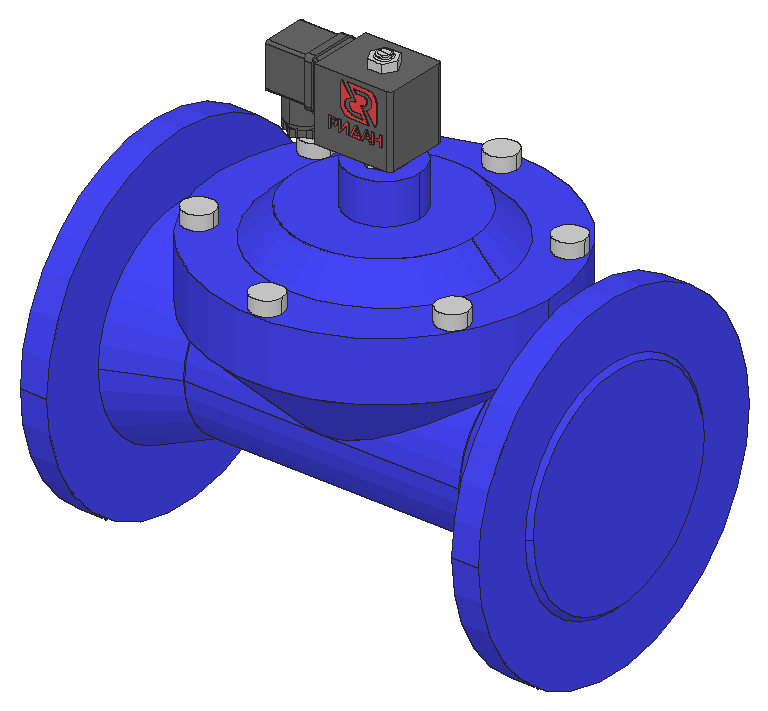
Revit family "РИДАН_Соленоидный клапан EV220WR(DN65_100)", category Арматура трубопроводов, Revit 2019
Family settings
  Размер круглого соединителя = Использовать диаметр
  Тип детали = Нормальный
  На основе рабочей плоскости = Нет
  Всегда вертикально = Да
  При загрузке вырезать с полостями = Нет
  Общий = Нет
Parameters (values of type "DN80+RW3220AC")
  УГО_Длина = e + (c * 2) + (b * 2) + (a * 2)  # 278.01 mm
  Контакты_Производитель = "info@ridan.ru"  # constant formula
  Катушка_1 = "RW3220AC"
  Катушка = Влж_Катушка EV220WR : RW3220AC
  t3 = l + ((m - l) / 2)  # 93.75 mm
  t2 = size_lookup(LT, "t2", 20 mm, ADSK_Диаметр условный)  # 87 mm
  t1 = size_lookup(LT, "t1", 20 mm, ADSK_Диаметр условный)  # 174 mm
  t = size_lookup(LT, "t", 20 mm, ADSK_Диаметр условный)  # 150.69 mm
  s = size_lookup(LT, "s", 20 mm, ADSK_Диаметр условный)  # 42 mm
  r = size_lookup(LT, "r", 20 mm, ADSK_Диаметр условный)  # 103.46 mm
  p = size_lookup(LT, "p", 20 mm, ADSK_Диаметр условный)  # 137.02 mm
  o = size_lookup(LT, "o", 20 mm, ADSK_Диаметр условный)  # 195 mm
  n = size_lookup(LT, "n", 20 mm, ADSK_Диаметр условный)  # 126 mm
  m = size_lookup(LT, "m", 20 mm, ADSK_Диаметр условный)  # 102 mm
  l = size_lookup(LT, "l", 20 mm, ADSK_Диаметр условный)  # 85.5 mm
  k = size_lookup(LT, "k", 20 mm, ADSK_Диаметр условный)  # 50 mm
  j = size_lookup(LT, "j", 20 mm, ADSK_Диаметр условный)  # 200 mm
  i = size_lookup(LT, "i", 20 mm, ADSK_Диаметр условный)  # 132 mm
  h = size_lookup(LT, "h", 20 mm, ADSK_Диаметр условный)  # 126 mm
  g = size_lookup(LT, "g", 20 mm, ADSK_Диаметр условный)  # 125.35 mm
  f = size_lookup(LT, "f", 20 mm, ADSK_Диаметр условный)  # 93 mm
  e = size_lookup(LT, "e", 20 mm, ADSK_Диаметр условный)  # 163.39 mm
  d = size_lookup(LT, "d", 20 mm, ADSK_Диаметр условный)  # 81.69 mm
  c = size_lookup(LT, "c", 20 mm, ADSK_Диаметр условный)  # 38.31 mm
  b = size_lookup(LT, "b", 20 mm, ADSK_Диаметр условный)  # 16 mm
  a = size_lookup(LT, "a", 20 mm, ADSK_Диаметр условный)  # 3 mm
  Table = "EV220WR _DN65_100_1"  # constant formula
  LT = "EV220WR _DN65_100"  # constant formula
  ADSK_Расход жидкости = 0.0 L/s
  ADSK_Пропускная способность = size_lookup(LT, "Kv", 0.0 L/s, ADSK_Диаметр условный)  # 19.4444 L/s
  ADSK_Потеря давления жидкости = 100000.0 Pa * (ADSK_Расход жидкости / ADSK_Пропускная способность) ^ 2  # 0.0 Pa
  ADSK_Полная мощность = ADSK_Номинальная мощность / ADSK_Коэффициент мощности  # 16 VA
  ADSK_Номинальная мощность = size_lookup(Table, "ADSK_Номинальная мощность", 0 W, Катушка_1)  # 16 W
  ADSK_Напряжение = size_lookup(Table, "ADSK_Напряжение", 0 V, Катушка_1)  # 230 V
  ADSK_Наименование = size_lookup(LT, "Name", "", ADSK_Диаметр условный)  # "Клапан электромагнитный EV220WR, G 3, Ду 80 мм, EPDM, нормально закрытый"
  ADSK_Масса_Текст = ""
  ADSK_Масса = size_lookup(LT, "M", 0, ADSK_Диаметр условный)  # 17
  ADSK_Марка = size_lookup(LT, "Mark", "", ADSK_Диаметр условный)  # "EV220WR DN80"
  ADSK_Коэффициент мощности = 1
  ADSK_Количество фаз = 1
  ADSK_Количество = 1  # constant formula
  ADSK_Код изделия = size_lookup(LT, "", "", ADSK_Диаметр условный)  # "016D6080R"
  ADSK_Классификация нагрузок = none
  ADSK_Завод-изготовитель = "ООО «Ридан-Трейд»"  # constant formula
  ADSK_Единица измерения = "шт."
  ADSK_Диаметр условный = 80 mm
  ADSK_Версия семейства = "1.0"  # constant formula
  ADSK_Версия Revit = "2019"  # constant formula
Types (10, lengths in mm): name | УГО_Длина | Катушка_1 | Катушка | t3 | t2 | t1 | t | s | r | p | o | n | m | l | k | j | i | h | g | f | e | d | c | b | a | ADSK_Пропускная способность | ADSK_Полная мощность | ADSK_Номинальная мощность | ADSK_Напряжение | ADSK_Наименование | ADSK_Масса | ADSK_Марка | ADSK_Код изделия | ADSK_Диаметр условный
  (no name) | 278.01 | "RW3220AC" | Влж_Катушка EV220WR : RW3220AC | 93.75 | 87 | 174 | 150.69 | 42 | 103.46 | 137.02 | 195 | 126 | 102 | 85.5 | 50 | 200 | 132 | 126 | 125.35 | 93 | 163.39 | 81.69 | 38.31 | 16 | 3 | 19.4444 L/s | 16 VA | 16 W | 230 V | "Клапан электромагнитный EV220WR, G 3, Ду 80 мм, EPDM, нормально закрытый" | 17 | "EV220WR DN80" | "016D6080R" | 80
  DN65+RW3220AC | 259 | "RW3220AC" | Влж_Катушка EV220WR : RW3220AC | 83 | 79 | 158 | 136.83 | 42 | 114 | 142 | 178 | 116 | 92 | 74 | 40 | 185 | 118 | 114 | 98 | 78 | 199 | 99.5 | 10 | 18 | 2 | 12.2222 L/s | 16 VA | 16 W | 230 V | "Клапан электромагнитный EV220WR, G 2 1/2, Ду 65 мм, EPDM, нормально закрытый" | 15.1 | "EV220WR DN65" | "016D6065R" | 65
  DN65+RW3024AC | 259 | "RW3024AC" | Влж_Катушка EV220WR : RW3024AC | 83 | 79 | 158 | 136.83 | 42 | 114 | 142 | 178 | 116 | 92 | 74 | 40 | 185 | 118 | 114 | 98 | 78 | 199 | 99.5 | 10 | 18 | 2 | 12.2222 L/s | 24 VA | 24 W | 24 V | "Клапан электромагнитный EV220WR, G 2 1/2, Ду 65 мм, EPDM, нормально закрытый" | 15.1 | "EV220WR DN65" | "016D6065R" | 65
  DN65+RW3024DC | 259 | "RW3024DC" | Влж_Катушка EV220WR : RW3024DC | 83 | 79 | 158 | 136.83 | 42 | 114 | 142 | 178 | 116 | 92 | 74 | 40 | 185 | 118 | 114 | 98 | 78 | 199 | 99.5 | 10 | 18 | 2 | 12.2222 L/s | 14 VA | 14 W | 24 V | "Клапан электромагнитный EV220WR, G 2 1/2, Ду 65 мм, EPDM, нормально закрытый" | 15.1 | "EV220WR DN65" | "016D6065R" | 65
  DN80+RW3220AC | 278.01 | "RW3220AC" | Влж_Катушка EV220WR : RW3220AC | 93.75 | 87 | 174 | 150.69 | 42 | 103.46 | 137.02 | 195 | 126 | 102 | 85.5 | 50 | 200 | 132 | 126 | 125.35 | 93 | 163.39 | 81.69 | 38.31 | 16 | 3 | 19.4444 L/s | 16 VA | 16 W | 230 V | "Клапан электромагнитный EV220WR, G 3, Ду 80 мм, EPDM, нормально закрытый" | 17 | "EV220WR DN80" | "016D6080R" | 80
  DN80+RW3024AC | 278.01 | "RW3024AC" | Влж_Катушка EV220WR : RW3024AC | 93.75 | 87 | 174 | 150.69 | 42 | 103.46 | 137.02 | 195 | 126 | 102 | 85.5 | 50 | 200 | 132 | 126 | 125.35 | 93 | 163.39 | 81.69 | 38.31 | 16 | 3 | 19.4444 L/s | 24 VA | 24 W | 24 V | "Клапан электромагнитный EV220WR, G 3, Ду 80 мм, EPDM, нормально закрытый" | 17 | "EV220WR DN80" | "016D6080R" | 80
  DN80+RW3024DC | 278.01 | "RW3024DC" | Влж_Катушка EV220WR : RW3024DC | 93.75 | 87 | 174 | 150.69 | 42 | 103.46 | 137.02 | 195 | 126 | 102 | 85.5 | 50 | 200 | 132 | 126 | 125.35 | 93 | 163.39 | 81.69 | 38.31 | 16 | 3 | 19.4444 L/s | 14 VA | 14 W | 24 V | "Клапан электромагнитный EV220WR, G 3, Ду 80 мм, EPDM, нормально закрытый" | 17 | "EV220WR DN80" | "016D6080R" | 80
  DN100+RW3220AC | 350 | "RW3220AC" | Влж_Катушка EV220WR : RW3220AC | 104 | 98 | 196 | 169.74 | 50 | 127.62 | 165.97 | 220 | 143 | 114.5 | 93.5 | 57 | 220 | 156 | 150 | 150.35 | 114 | 216.46 | 108.23 | 45.77 | 18 | 3 | 30.2778 L/s | 16 VA | 16 W | 230 V | "Клапан электромагнитный EV220WR, G 4, Ду 100 мм, EPDM, нормально закрытый" | 23.2 | "EV220WR DN100" | "016D6100R" | 100
  DN100+RW3024AC | 350 | "RW3024AC" | Влж_Катушка EV220WR : RW3024AC | 104 | 98 | 196 | 169.74 | 50 | 127.62 | 165.97 | 220 | 143 | 114.5 | 93.5 | 57 | 220 | 156 | 150 | 150.35 | 114 | 216.46 | 108.23 | 45.77 | 18 | 3 | 30.2778 L/s | 24 VA | 24 W | 24 V | "Клапан электромагнитный EV220WR, G 4, Ду 100 мм, EPDM, нормально закрытый" | 23.2 | "EV220WR DN100" | "016D6100R" | 100
  DN100+RW3024DC | 350 | "RW3024DC" | Влж_Катушка EV220WR : RW3024DC | 104 | 98 | 196 | 169.74 | 50 | 127.62 | 165.97 | 220 | 143 | 114.5 | 93.5 | 57 | 220 | 156 | 150 | 150.35 | 114 | 216.46 | 108.23 | 45.77 | 18 | 3 | 30.2778 L/s | 14 VA | 14 W | 24 V | "Клапан электромагнитный EV220WR, G 4, Ду 100 мм, EPDM, нормально закрытый" | 23.2 | "EV220WR DN100" | "016D6100R" | 100
Reference planes
  plane 1 "По центру (Вперед/Назад)": y = 0
  plane 2: z = 0
  plane 3 "По центру (Влево/Вправо)": x = 0
  plane 4: x = -81.69
  plane 5: x = 81.7
  plane 6: x = -120
  plane 7: x = 120.01
  plane 8: x = -136
  plane 9: x = 136.01
  plane 10: x = -139
  plane 11: x = 139.01
  plane 12: z = 50
  plane 13: z = 85.5
  plane 14: z = 102
  plane 15: z = 126
  plane 16: x = -75.345
  plane 17: x = 75.345
  plane 18: y = 87
  plane 19: y = 43.5
  plane 20: y = -87
  plane 21: y = -43.5
  plane 22: z = 93.75
Forms (mm)
  Extrusion 1, solid, material "Корпус EV220R", detail levels fine
    sketch origin (0, 0, 0) x (0, 1, 0) y (0, 0, 1)
      loop
        circle (0, 0) r 46.5
    from -81.69 to 81.7
  Blend 2, solid, material "Корпус EV220R", detail levels fine
    base sketch origin (0, 0, 0) x (0, 1, 0) y (0, 0, 1)
      loop
        circle (0, 0) r 46.5
    top sketch origin (0, 0, 0) x (0, 1, 0) y (0, 0, 1)
      loop
        circle (0, 0) r 62.675
    from -81.69 to -120
  Blend 3, solid, material "Корпус EV220R", detail levels fine
    base sketch origin (0, 0, 0) x (0, 1, 0) y (0, 0, 1)
      loop
        circle (0, 0) r 46.5
    top sketch origin (0, 0, 0) x (0, 1, 0) y (0, 0, 1)
      loop
        circle (0, 0) r 62.675
    from 81.7 to 120.01
  Extrusion 4, solid, material "Корпус EV220R", detail levels fine
    sketch origin (0, 0, 0) x (0, 1, 0) y (0, 0, 1)
      loop
        circle (0, 0) r 100
    from -136 to -120
  Extrusion 5, solid, material "Корпус EV220R", detail levels fine
    sketch origin (0, 0, 0) x (0, 1, 0) y (0, 0, 1)
      loop
        circle (0, 0) r 100
    from 120.01 to 136.01
  Blend 6, solid, material "Корпус EV220R", detail levels fine
    base sketch origin (0, 0, 0) x (0, 1, 0) y (0, 0, 1)
      loop
        circle (0, 0) r 66
    top sketch origin (0, 0, 0) x (0, 1, 0) y (0, 0, 1)
      loop
        circle (0, 0) r 63
    from -136 to -139
  Blend 7, solid, material "Корпус EV220R", detail levels fine
    base sketch origin (0, 0, 0) x (0, 1, 0) y (0, 0, 1)
      loop
        circle (0, 0) r 66
    top sketch origin (0, 0, 0) x (0, 1, 0) y (0, 0, 1)
      loop
        circle (0, 0) r 63
    from 136.01 to 139.01
  Extrusion 8, solid, material "Корпус EV220R", detail levels fine
    sketch origin (0, 0, 0) x (1, 0, 0) y (0, 1, 0)
      loop
        circle (0, 0) r 97.5
    from 50 to 85.5
  Blend 9, solid, material "Корпус EV220R", detail levels fine
    base sketch origin (0, 0, 0) x (1, 0, 0) y (0, 1, 0)
      loop
        circle (0, 0) r 97.5
    top sketch origin (0, 0, 0) x (1, 0, 0) y (0, 1, 0)
      loop
        circle (0, 0) r 46.5
    from 50 to 0
  Blend 10, solid, material "Корпус EV220R", detail levels fine
    base sketch origin (0, 0, 0) x (1, 0, 0) y (0, 1, 0)
      loop
        circle (0, 0) r 68.51
    top sketch origin (0, 0, 0) x (1, 0, 0) y (0, 1, 0)
      loop
        circle (0, 0) r 51.73
    from 85.5 to 102
  Extrusion 11, solid, material "Корпус EV220R", detail levels fine
    sketch origin (0, 0, 0) x (1, 0, 0) y (0, 1, 0)
      loop
        circle (0, 0) r 21
    from 102 to 126
  Extrusion 12, solid, material "Сталь нержавеющая", detail levels fine
    sketch origin (0, 0, 0) x (1, 0, 0) y (0, 1, 0)
      loop
        circle (0, 87) r 8.987
      loop
        circle (-75.345, 43.5) r 8.987
      loop
        circle (-75.345, -43.5) r 8.987
      loop
        circle (0, -87) r 8.987
      loop
        circle (75.345, -43.5) r 8.987
      loop
        circle (75.345, 43.5) r 8.987
    from 85.5 to 93.75
Cuts and joins
  joined: Extrusion 1, Extrusion 8, Blend 9
Dimensions and locks
  "d": plane 3 "По центру (Влево/Вправо)" to plane 4
  "e": plane 5 to plane 4
  "c": plane 4 to plane 6
  "c": plane 5 to plane 7
  "b": plane 6 to plane 8
  "b": plane 7 to plane 9
  "a": plane 8 to plane 10
  "a": plane 9 to plane 11
  "k": plane 12 to plane 2
  "l": plane 13 to plane 2
  "m": plane 14 to plane 2
  "n": plane 15 to plane 2
  equal spacing: plane 16, plane 3 "По центру (Влево/Вправо)", plane 17
  "t": plane 16 to plane 17
  equal spacing: plane 19, plane 1 "По центру (Вперед/Назад)", plane 21
  "t2": plane 19 to plane 21
  equal spacing: plane 18, plane 1 "По центру (Вперед/Назад)", plane 20
  "t1": plane 18 to plane 20
  "t3": plane 22 to level
  "f": diameter of Extrusion 1 sketch curve
  "f": diameter of Blend 2 sketch curve
  "g": diameter of Blend 2 sketch curve
  "f": diameter of Blend 3 sketch curve
  "g": diameter of Blend 3 sketch curve
  "j": diameter of Extrusion 4 sketch curve
  "j": diameter of Extrusion 5 sketch curve
  "i": diameter of Blend 6 sketch curve
  "h": diameter of Blend 6 sketch curve
  "i": diameter of Blend 7 sketch curve
  "h": diameter of Blend 7 sketch curve
  "o": diameter of Extrusion 8 sketch curve
  "o": diameter of Blend 9 sketch curve
  "f": diameter of Blend 9 sketch curve
  "p": diameter of Blend 10 sketch curve
  "r": diameter of Blend 10 sketch curve
  "s": diameter of Extrusion 11 sketch curve
  aligned and locked: level to plane 2
  aligned and locked: Extrusion 1 to plane 4
  aligned and locked: Extrusion 1 to plane 5
  aligned and locked: plane 4 to Blend 2
  aligned and locked: Blend 2 to plane 6
  aligned and locked: plane 5 to Blend 3
  aligned and locked: Blend 3 to plane 7
  aligned and locked: Extrusion 4 to plane 6
  aligned and locked: Extrusion 4 to plane 8
  aligned and locked: Extrusion 5 to plane 7
  aligned and locked: Extrusion 5 to plane 9
  aligned and locked: plane 8 to Blend 6
  aligned and locked: Blend 6 to plane 10
  aligned and locked: plane 9 to Blend 7
  aligned and locked: Blend 7 to plane 11
  aligned and locked: Extrusion 8 to plane 12
  aligned and locked: plane 13 to Extrusion 8
  aligned and locked: plane 12 to Blend 9
  aligned and locked: Blend 9 to plane 2
  aligned and locked: Blend 10 to plane 13
  aligned and locked: plane 14 to Blend 10
  aligned and locked: Extrusion 11 to plane 14
  aligned and locked: plane 15 to Extrusion 11
  aligned and locked: plane 3 "По центру (Влево/Вправо)" to Extrusion 12 sketch curve  (x2)
  aligned and locked: plane 18 to Extrusion 12 sketch curve
  aligned and locked: plane 16 to Extrusion 12 sketch curve  (x2)
  aligned and locked: plane 19 to Extrusion 12 sketch curve  (x2)
  aligned and locked: plane 21 to Extrusion 12 sketch curve  (x2)
  aligned and locked: plane 20 to Extrusion 12 sketch curve
  aligned and locked: plane 17 to Extrusion 12 sketch curve  (x2)
  aligned and locked: Extrusion 12 to plane 13
  aligned and locked: plane 22 to Extrusion 12
  aligned and locked: nested 1 to plane 15
  aligned and locked: nested 2 to plane 10
  aligned and locked: plane 10 to nested 3
Automatic sketch dimensions
  Extrusion 1 sketch curve to level = 0 mm
  Extrusion 1 sketch curve to plane 1 "По центру (Вперед/Назад)" = 0 mm
  Blend 2 sketch curve to level = 0 mm  (x2)
  Blend 2 sketch curve to plane 1 "По центру (Вперед/Назад)" = 0 mm  (x2)
  Blend 3 sketch curve to level = 0 mm  (x2)
  Blend 3 sketch curve to plane 1 "По центру (Вперед/Назад)" = 0 mm  (x2)
  Extrusion 4 sketch curve to level = 0 mm
  Extrusion 4 sketch curve to plane 1 "По центру (Вперед/Назад)" = 0 mm
  Extrusion 5 sketch curve to level = 0 mm
  Extrusion 5 sketch curve to plane 1 "По центру (Вперед/Назад)" = 0 mm
  Blend 6 sketch curve to level = 0 mm  (x2)
  Blend 6 sketch curve to plane 1 "По центру (Вперед/Назад)" = 0 mm  (x2)
  Blend 7 sketch curve to level = 0 mm  (x2)
  Blend 7 sketch curve to plane 1 "По центру (Вперед/Назад)" = 0 mm  (x2)
  plane 1 "По центру (Вперед/Назад)" to Extrusion 8 sketch curve = 0 mm
  Extrusion 8 sketch curve to plane 3 "По центру (Влево/Вправо)" = 0 mm
  plane 1 "По центру (Вперед/Назад)" to Blend 9 sketch curve = 0 mm  (x2)
  Blend 9 sketch curve to plane 3 "По центру (Влево/Вправо)" = 0 mm  (x2)
  plane 1 "По центру (Вперед/Назад)" to Blend 10 sketch curve = 0 mm  (x2)
  Blend 10 sketch curve to plane 3 "По центру (Влево/Вправо)" = 0 mm  (x2)
  plane 1 "По центру (Вперед/Назад)" to Extrusion 11 sketch curve = 0 mm
  Extrusion 11 sketch curve to plane 3 "По центру (Влево/Вправо)" = 0 mm
  radius of Extrusion 12 sketch curve = 8.987 mm  (x6)
Nested families
  nested 1: "Влж_Катушка EV220WR" at (0, 0, 126), type <- "Катушка", type "RW3220AC"
  nested 2: "УГО_клапана" at (0.005, 0, 0), УГО_Длина <- "УГО_Длина", type "УГО_клапана"
    with УГО_Длина 278.01 mm, УГО_Высота 212.143 mm
  nested 3: "УГО_ЭУ_клапана" at (0.005, 0, 0), УГО_Длина <- "УГО_Длина", type "УГО_ЭУ_клапана", detail levels coarse+medium
    with УГО_Длина 278.01 mm, УГО_Высота 212.143 mm
Connectors
  piping at (-139, 0, 0), diameter 80, driven by "ADSK_Диаметр условный", driven by "ADSK_Расход жидкости"
    settings: on plane 10, index 1, connector inside diameter 609.6 mm, connector length 0 mm, flow factor 0, pipe flow 0.0 L/s, pressure drop 0.0 Pa, fitting loss kfactor 0, connector angle 0.00°, fixture units 0, engagement length 0 mm, angle of deflection 0.00°, flow configuration 0, flow direction 1, fitting loss method 0, system type 29, joint type 0, gender type 0, connector reference index -1, connector utility 0, adjustable connector no, is connector primary yes, connector description ""
  piping at (139.01, 0, 0), diameter 80, driven by "ADSK_Диаметр условный", driven by "ADSK_Расход жидкости", driven by "ADSK_Потеря давления жидкости"
    settings: on plane 11, index 2, connector inside diameter 609.6 mm, connector length 0 mm, flow factor 0, pipe flow 0.0 L/s, pressure drop 0.0 Pa, fitting loss kfactor 0, connector angle 0.00°, fixture units 0, engagement length 0 mm, angle of deflection 0.00°, flow configuration 0, flow direction 2, fitting loss method 4, system type 29, joint type 0, gender type 0, connector reference index -1, connector utility 0, adjustable connector no, is connector primary no, connector description ""
  electrical at (-48.006, 0.793, 125.5), driven by "ADSK_Напряжение", driven by "ADSK_Полная мощность"
    settings: on nested 1, index 3, voltage 230 V, apparent load 16 VA, apparent load phase1 0 VA, apparent load phase2 0 VA, apparent load phase3 0 VA, power factor 1, load classification "Прочее", number of poles 1, system type 30, power factor state 1, is connector primary yes, connector utility no, sub classification motor no, connector description ""
Definition of nested family "Влж_Катушка EV220WR"
  Parameters (values of type "RW3024DC")
    ADSK_Наименование = "Катушка электромагнитная RW3024DC, 24 пост.ток, 14 Вт, для EV220WR Ду 65-100 мм"
    ADSK_Масса_Текст = ""
    ADSK_Масса = 0
    ADSK_Марка = "RW3024DC"
    ADSK_Количество = 1  # constant formula
    ADSK_Код изделия = "042N0343R"
    ADSK_Завод-изготовитель = "ООО «Ридан-Трейд»"  # constant formula
    ADSK_Единица измерения = "шт."
  Types (4, lengths in mm): name | ADSK_Наименование | ADSK_Марка | ADSK_Код изделия
    (no name) | "Катушка электромагнитная RW3024DC, 24 пост.ток, 14 Вт, для EV220WR Ду 65-100 мм" | "RW3024DC" | "042N0343R"
    RW3220AC | "Катушка электромагнитная RW3220AC, 220В перем.ток, 16BA, для EV220WR Ду 65-100 мм" | "RW3220AC" | "042N0340R"
    RW3024AC | "Катушка электромагнитная RW3024AC, 24 перем.ток, 24 BA, для EV220WR Ду 65-100 мм" | "RW3024AC" | "042N0342R"
    RW3024DC | "Катушка электромагнитная RW3024DC, 24 пост.ток, 14 Вт, для EV220WR Ду 65-100 мм" | "RW3024DC" | "042N0343R"
  Reference planes
    plane 1 "По центру (Вперед/Назад)": y = 0
    plane 2: z = 0
    plane 3 "По центру (Влево/Вправо)": x = 0
  Forms (mm)
    Extrusion 1, solid, detail levels fine
      sketch origin (0, 0, 0) x (1, 0, 0) y (0, 1, 0)
        loop
          line (-26, 19) -> (-26, -19) -> (16.5, -19)
          arc (16.5, -19) -> (18.268, -18.268) -> (19, -16.5) r 2.5
          line (19, -16.5) -> (19, 17)
          arc (19, 17) -> (18.414, 18.414) -> (17, 19) r 2
          line (17, 19) -> (-26, 19)
      from 7.7 to 50
    Extrusion 2, solid, detail levels fine
      sketch origin (0, 0, 0) x (1, 0, 0) y (0, 1, 0)
        loop
          line (-4.041, 7) -> (-8.083, 0) -> (-4.041, -7) -> (4.041, -7) -> (8.083, 0) -> (4.041, 7) -> (-4.041, 7)
      from 50 to 55
    Revolve 3, solid, detail levels fine
      sketch origin (0, 0, 0) x (1, 0, 0) y (0, 0, 1)
        loop
          line (-4, 56.5) -> (-4, 55.5) -> (-4.741, 55) -> (0, 55) -> (0, 57) -> (-3.5, 57)
          arc (-3.5, 57) -> (-3.854, 56.854) -> (-4, 56.5) r 0.5
        axis (0, 57) -> (0, 55)
      angle from 0 to 360
    Extrusion 4, solid, detail levels fine
      sketch origin (0, 0, 0) x (1, 0, 0) y (0, 1, 0)
        loop
          line (-11, 7.14) -> (-11, -5.562) -> (0, -11.913) -> (11, -5.562) -> (11, 7.14) -> (0, 13.491) -> (-11, 7.14)
      from 1 to 7.7
    Extrusion 5, solid, detail levels fine
      sketch origin (0, 0, 0) x (1, 0, 0) y (0, 1, 0)
        loop
          circle (0, 0.789) r 11
      from 0 to 1
    Extrusion 6, solid, detail levels fine
      sketch origin (-14.404, 3.85, -27.702) x (1, 0, 0) y (0, 0, 1)
        loop
          line (8.175, 74.847) -> (13.223, 65.495) -> (11.411, 65.495)
          arc (11.411, 65.495) -> (9.92, 64.877) -> (9.303, 63.387) r 2.108
          arc (9.303, 63.387) -> (10.086, 61.496) -> (11.976, 60.714) r 2.673
          line (11.976, 60.714) -> (15.896, 60.714) -> (17.187, 58.287) -> (11.726, 58.287)
          arc (11.726, 58.287) -> (9.595, 58.665) -> (7.724, 59.753) r 6.197
          arc (7.724, 59.753) -> (6.362, 61.577) -> (6.232, 63.85) r 3.955
          arc (6.232, 63.85) -> (7.398, 65.926) -> (9.481, 67.08) r 4.357
          line (9.481, 67.08) -> (4.657, 74.847)
          arc (4.657, 74.847) -> (4.028, 73.832) -> (3.809, 72.658) r 3.248
          line (3.809, 72.658) -> (3.809, 61.629)
          arc (3.809, 61.629) -> (5.407, 57.77) -> (9.267, 56.171) r 5.459
          line (9.267, 56.171) -> (20.506, 56.171) -> (15.473, 65.495) -> (17.416, 65.495)
          arc (17.416, 65.495) -> (18.462, 65.997) -> (19.214, 66.88) r 2.791
          arc (19.214, 66.88) -> (19.454, 67.875) -> (19.214, 68.869) r 2.185
          arc (19.214, 68.869) -> (18.502, 69.836) -> (17.396, 70.304) r 2.272
          line (17.396, 70.304) -> (12.815, 70.304) -> (11.571, 72.645) -> (17.795, 72.645)
          arc (17.795, 72.645) -> (20.077, 71.96) -> (21.79, 70.304) r 5.04
          arc (21.79, 70.304) -> (22.463, 68.419) -> (22.266, 66.427) r 4.571
          arc (22.266, 66.427) -> (21.165, 64.719) -> (19.373, 63.761) r 4.052
          line (19.373, 63.761) -> (23.795, 56.402)
          arc (23.795, 56.402) -> (24.673, 57.163) -> (25, 58.278) r 2.062
          line (25, 58.278) -> (25, 69.291)
          arc (25, 69.291) -> (23.373, 73.22) -> (19.444, 74.847) r 5.556
          line (19.444, 74.847) -> (8.175, 74.847)
      from 21.9 to 22.9
    Extrusion 7, solid, detail levels fine
      sketch origin (-39.758, 2.929, -41.041) x (1, 0, 0) y (0, 0, 1)
        loop
          line (22.108, 66.663) -> (22.108, 60.232) -> (23.227, 60.232) -> (23.227, 62.519) -> (25.489, 62.519)
          arc (25.489, 62.519) -> (26.476, 62.816) -> (27.176, 63.573) r 1.962
          arc (27.176, 63.573) -> (27.404, 64.833) -> (26.878, 66) r 2.156
          arc (26.878, 66) -> (26.245, 66.475) -> (25.476, 66.663) r 1.973
          line (25.476, 66.663) -> (22.108, 66.663)
        loop
          line (23.227, 65.649) -> (23.227, 63.433) -> (25.202, 63.433)
          arc (25.202, 63.433) -> (25.923, 63.792) -> (26.248, 64.528) r 1.186
          arc (26.248, 64.528) -> (25.969, 65.316) -> (25.202, 65.649) r 1.048
          line (25.202, 65.649) -> (23.227, 65.649)
        loop
          line (28.149, 66.663) -> (28.149, 60.232) -> (29.07, 60.232) -> (32.633, 64.717) -> (32.633, 60.232) -> (33.703, 60.232) -> (33.703, 66.663) -> (32.758, 66.663) -> (29.221, 62.166) -> (29.221, 66.663) -> (28.149, 66.663)
        loop
          line (34.128, 60.232) -> (40.517, 60.232) -> (40.951, 61.255) -> (38.577, 66.663) -> (37.713, 66.663) -> (35.348, 61.255) -> (34.562, 61.255) -> (34.128, 60.232)
        loop
          line (36.48, 61.255) -> (39.81, 61.255) -> (38.137, 65.068) -> (36.48, 61.255)
        loop
          line (43.788, 66.663) -> (40.96, 60.232) -> (42.109, 60.232) -> (42.727, 61.646) -> (45.671, 61.646) -> (46.289, 60.232) -> (47.462, 60.232) -> (44.651, 66.663) -> (43.788, 66.663)
        loop
          line (47.783, 66.663) -> (47.783, 60.232) -> (48.904, 60.232) -> (48.904, 62.96) -> (52.314, 62.96) -> (52.314, 60.232) -> (53.386, 60.232) -> (53.386, 66.663) -> (52.314, 66.663) -> (52.314, 63.982) -> (48.904, 63.982) -> (48.904, 66.663) -> (47.783, 66.663)
        loop
          line (43.173, 62.667) -> (45.225, 62.667) -> (44.184, 65.049) -> (43.173, 62.667)
      from 21 to 22
    Extrusion 8, solid, detail levels fine
      sketch origin (-7.5, 0, 0) x (0, 1, 0) y (0, 0, 1)
        loop
          line (13.4, 48.6) -> (-13.4, 48.6)
          arc (-13.4, 48.6) -> (-14.107, 48.307) -> (-14.4, 47.6) r 1
          line (-14.4, 47.6) -> (-14.4, 20.4) -> (14.4, 20.4) -> (14.4, 47.6)
          arc (14.4, 47.6) -> (14.107, 48.307) -> (13.4, 48.6) r 1
      from -23.5 to -18.5
    Extrusion 9, solid, detail levels fine
      sketch origin (-7.5, 0, 0) x (0, 1, 0) y (0, 0, 1)
        loop
          line (11.85, 49.35) -> (-11.85, 49.35)
          arc (-11.85, 49.35) -> (-13.971, 48.471) -> (-14.85, 46.35) r 3
          line (-14.85, 46.35) -> (-14.85, 22.65)
          arc (-14.85, 22.65) -> (-13.971, 20.529) -> (-11.85, 19.65) r 3
          line (-11.85, 19.65) -> (11.85, 19.65)
          arc (11.85, 19.65) -> (13.971, 20.529) -> (14.85, 22.65) r 3
          line (14.85, 22.65) -> (14.85, 46.35)
          arc (14.85, 46.35) -> (13.971, 48.471) -> (11.85, 49.35) r 3
      from -28 to -23.5
    Extrusion 10, solid, detail levels fine
      sketch origin (-7.5, 0, 0) x (0, 1, 0) y (0, 0, 1)
        loop
          line (11.85, 47.85) -> (-11.85, 47.85)
          arc (-11.85, 47.85) -> (-12.911, 47.411) -> (-13.35, 46.35) r 1.5
          line (-13.35, 46.35) -> (-13.35, 22.65)
          arc (-13.35, 22.65) -> (-12.911, 21.589) -> (-11.85, 21.15) r 1.5
          line (-11.85, 21.15) -> (11.85, 21.15)
          arc (11.85, 21.15) -> (12.911, 21.589) -> (13.35, 22.65) r 1.5
          line (13.35, 22.65) -> (13.35, 46.35)
          arc (13.35, 46.35) -> (12.911, 47.411) -> (11.85, 47.85) r 1.5
      from -52 to -28
    Extrusion 11, solid, detail levels fine
      sketch origin (-7.5, 0, 0) x (1, 0, 0) y (0, 1, 0)
        loop
          circle (-40.5, 0.789) r 10.6
      from 6.3 to 21.15
    Extrusion 12, solid, detail levels fine
      sketch origin (-7.5, 0, 0) x (1, 0, 0) y (0, 1, 0)
        loop
          circle (-40.5, 0) r 8.5
      from 3.6 to 6.3
    Extrusion 13, solid, detail levels fine
      sketch origin (-7.5, 0, 0) x (1, 0, 0) y (0, 1, 0)
        loop
          line (-46.774, 7.155) -> (-47.466, 7.555) -> (-49.8, 6.153) -> (-50.031, 3.548) -> (-49.15, 3.039) -> (-49.15, -1.461) -> (-49.843, -1.861) -> (-49.8, -4.58) -> (-47.466, -5.977) -> (-46.774, -5.577) -> (-42.876, -7.827) -> (-42.876, -8.627) -> (-40.5, -9.95) -> (-38.124, -8.627) -> (-38.124, -7.827) -> (-34.226, -5.577) -> (-33.534, -5.977) -> (-31.2, -4.58) -> (-31.157, -1.861) -> (-31.85, -1.461) -> (-31.85, 3.039) -> (-31.157, 3.439) -> (-31.2, 6.158) -> (-33.534, 7.555) -> (-34.226, 7.155) -> (-38.124, 9.405) -> (-38.124, 10.205) -> (-40.5, 11.528) -> (-42.876, 10.205) -> (-42.876, 9.405) -> (-46.774, 7.155)
      from -0.5 to 3.6
  Dimensions and locks
    aligned and locked: level to plane 2
Definition of nested family "УГО_клапана"
  Parameters (values of type "УГО_клапана")
    УГО_Длина [instance] = 48 mm
    УГО_Высота [instance] = УГО_Длина * 0.76308  # 36.628 mm
  Reference planes
    plane 1 "По центру (Вперед/Назад)": y = 0
    plane 2: z = 0
    plane 3 "По центру (Влево/Вправо)": x = 0
    plane 4: x = -24
    plane 5: x = 24
    plane 6: z = 18.314
    plane 7: z = -18.314
  Forms (mm)
    Extrusion 1, solid, detail levels coarse+medium
      sketch origin (0, 0, 0) x (1, 0, 0) y (0, 0, 1)
        loop
          line (-24, -18.314) -> (0, 0) -> (-24, 18.314) -> (-24, -18.314)
      from -0.5 to 0.5
    Extrusion 2, solid, detail levels coarse+medium
      sketch origin (0, 0, 0) x (1, 0, 0) y (0, 0, 1)
        loop
          line (24, -18.314) -> (24, 18.314) -> (0, 0) -> (24, -18.314)
      from -0.5 to 0.5
  Dimensions and locks
    equal spacing: plane 5, plane 3 "По центру (Влево/Вправо)", plane 4
    "УГО_Длина": plane 5 to plane 4
    equal spacing: plane 6, plane 2, plane 7
    "УГО_Высота": plane 6 to plane 7
    aligned and locked: level to plane 2
    aligned and locked: plane 4 to Extrusion 1 sketch curve
    aligned and locked: Extrusion 2 sketch curve to plane 5
  Automatic sketch dimensions
    Extrusion 1 sketch curve to level = 0 mm
    Extrusion 1 sketch curve to plane 3 "По центру (Влево/Вправо)" = 0 mm
    Extrusion 1 sketch curve to plane 7 = 0 mm
    Extrusion 1 sketch curve to plane 6 = 0 mm
    Extrusion 2 sketch curve to level = 0 mm
    Extrusion 2 sketch curve to plane 3 "По центру (Влево/Вправо)" = 0 mm
    Extrusion 2 sketch curve to plane 7 = 0 mm
    Extrusion 2 sketch curve to plane 6 = 0 mm
Definition of nested family "УГО_ЭУ_клапана"
  Parameters (values of type "УГО_ЭУ_клапана")
    УГО_Длина [instance] = 100 mm
    УГО_Высота [instance] = УГО_Длина * 0.76308  # 76.308 mm
  Reference planes
    plane 1 "По центру (Вперед/Назад)": y = 0
    plane 2: z = 0
    plane 3 "По центру (Влево/Вправо)": x = 0
    plane 4: x = -50
    plane 5: x = 50
    plane 6: y = 38.154
    plane 7: y = -38.154
  Lines and regions (mm)
    Filled region 1, type "Сплошная заливка - Белый", in view "Опорный уровень"
      outline origin (0, 0, 0) x (1, 0, 0) y (0, 1, 0)
        loop
          line (-50, -38.154) -> (0, 0) -> (-50, 38.154) -> (-50, -38.154)
    Filled region 2, type "Сплошная заливка - Белый", in view "Опорный уровень"
      outline origin (0, 0, 0) x (1, 0, 0) y (0, 1, 0)
        loop
          line (50, -38.154) -> (50, 38.154) -> (0, 0) -> (50, -38.154)
  Dimensions and locks
    equal spacing: plane 4, plane 3 "По центру (Влево/Вправо)", plane 5
    "УГО_Длина": plane 4 to plane 5
    equal spacing: plane 6, plane 1 "По центру (Вперед/Назад)", plane 7
    "УГО_Высота": plane 6 to plane 7
    aligned and locked: plane 4 to Filled region 1 sketch curve
    aligned and locked: Filled region 1 to plane 4
  Automatic sketch dimensions
    plane 1 "По центру (Вперед/Назад)" to Filled region 1 sketch curve = 0 mm
    Filled region 1 sketch curve to plane 3 "По центру (Влево/Вправо)" = 0 mm
    plane 7 to Filled region 1 sketch curve = 0 mm
    Filled region 1 sketch curve to plane 6 = 0 mm
    plane 1 "По центру (Вперед/Назад)" to Filled region 2 sketch curve = 0 mm
    Filled region 2 sketch curve to plane 3 "По центру (Влево/Вправо)" = 0 mm
    Filled region 2 sketch curve to plane 5 = 0 mm
    plane 7 to Filled region 2 sketch curve = 0 mm
    Filled region 2 sketch curve to plane 6 = 0 mm
